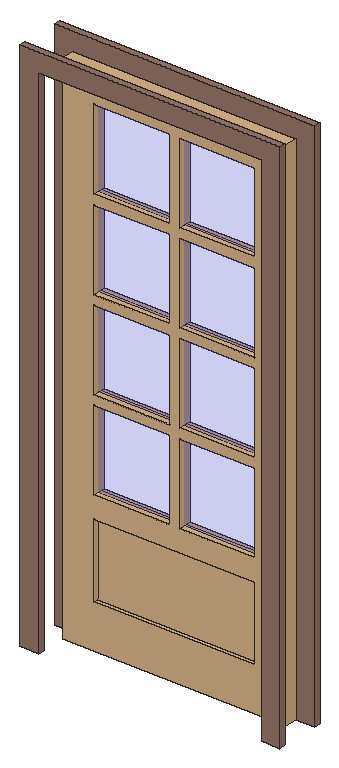
Revit family "0049_M_DR_W_single-entry 2", category 문, Revit 2026
Family settings
  호스트 = 벽
  항상 수직 = 예
  로드될 때 보이드를 사용하여 절단 = 아니오
  공유 = 아니오
  룸 계산 점 = 아니오
Parameters (values of type "36" x 84"")
  두께 = 0' - 2"
  기능 = 내부
  Rail - Top = 0' - 5"
  Rail - Center = 0' - 3 1/2"
  Rail - Bottom = 0' - 7"
  Panel - Bottom = 1' - 0"
  조합 코드 = "C1020"
  Door Material = Door - Panel
  Frame Material = Door - Frame
  Height = 7' - 0"
  Muntin = 0' - 1 1/2"
  Stile Width = 0' - 5"
  Trim Projection Ext = 0' - 1"
  Trim Projection Int = 0' - 1"
  Trim Width = 0' - 3"
  벽 마무리 = 호스트별
  Width = 3' - 0"
Types (8): name | 두께 | Rail - Top | Rail - Center | Rail - Bottom | Panel - Bottom | 조합 코드 | Height | Muntin | Stile Width | Trim Projection Ext | Trim Projection Int | Trim Width | Width
  36" x 84" | 0' - 2" | 0' - 5" | 0' - 3 1/2" | 0' - 7" | 1' - 0" | "C1020" | 7' - 0" | 0' - 1 1/2" | 0' - 5" | 0' - 1" | 0' - 1" | 0' - 3" | 3' - 0"
  34" x 84" | 0' - 2" | 0' - 5" | 0' - 3 1/2" | 0' - 7" | 1' - 0" | "C1020" | 7' - 0" | 0' - 1 1/2" | 0' - 5" | 0' - 1" | 0' - 1" | 0' - 3" | 2' - 10"
  32" x 84" | 0' - 2" | 0' - 5" | 0' - 3 1/2" | 0' - 7" | 1' - 0" | "C1020" | 7' - 0" | 0' - 1 1/2" | 0' - 5" | 0' - 1" | 0' - 1" | 0' - 3" | 2' - 8"
  30" x 84" | 0' - 2" | 0' - 5" | 0' - 3 1/2" | 0' - 7" | 1' - 0" | "C1020" | 7' - 0" | 0' - 1 1/2" | 0' - 5" | 0' - 1" | 0' - 1" | 0' - 3" | 2' - 6"
  30" x 80" | 0' - 2" | 0' - 5" | 0' - 3 1/2" | 0' - 7" | 1' - 0" | "C1020" | 6' - 8" | 0' - 1 1/2" | 0' - 5" | 0' - 1" | 0' - 1" | 0' - 3" | 2' - 6"
  36" x 80" | 0' - 2" | 0' - 5" | 0' - 3 1/2" | 0' - 7" | 1' - 0" | "C1020" | 6' - 8" | 0' - 1 1/2" | 0' - 5" | 0' - 1" | 0' - 1" | 0' - 3" | 3' - 0"
  34" x 80" | 0' - 2" | 0' - 5" | 0' - 3 1/2" | 0' - 7" | 1' - 0" | "C1020" | 6' - 8" | 0' - 1 1/2" | 0' - 5" | 0' - 1" | 0' - 1" | 0' - 3" | 2' - 10"
  0915 x 2134mm | 0' - 1.9685" | 0' - 4.92126" | 0' - 3.54331" | 0' - 6.88976" | 1' - 0.00787" | 0' - 0" | 7' - 0.01575" | 0' - 1.37795" | 0' - 4.92126" | 0' - 0.98425" | 0' - 0.98425" | 0' - 2.95276" | 3' - 0.02362"
Reference planes (in)
  plane 1: y = 0
  plane 2: z = 0
  plane 3: x = 1
  plane 4: x = -17
  plane 5: x = 19
  plane 6: z = 84
  plane 7: x = 0.25
  plane 8: x = 1.75
  plane 9: x = -12
  plane 10: x = 14
  plane 11: z = 35.5
  plane 12: z = 66
  plane 13: z = 64.5
  plane 14: z = 37
  plane 15: z = 22.5
  plane 16: z = 19
  plane 17: z = 79
  plane 18: z = 7
  plane 19: z = 80.5
  plane 20: z = 51.5
  plane 21: z = 50
Forms (in)
  Extrusion 1, solid, material "Door - Frame" <- "Frame Material"
    sketch origin (-60, 3.00119, 0) x (-1, 0, 0) y (0, 0, 1)
      loop
        line (-82, 87) -> (-82, 0) -> (-79, 0) -> (-79, 84) -> (-43, 84) -> (-43, 0) -> (-40, 0) -> (-40, 87) -> (-82, 87)
    from 0 to 1
  Extrusion 2, solid, material "Door - Frame" <- "Frame Material"
    sketch origin (-60, -2.99881, 0) x (1, 0, 0) y (0, 0, 1)
      loop
        line (40, 87) -> (40, 0) -> (43, 0) -> (43, 84) -> (79, 84) -> (79, 0) -> (82, 0) -> (82, 87) -> (40, 87)
    from 0 to 1
  Extrusion 3, solid, material "Door - Panel" <- "Door Material"
    sketch origin (0, 0.0442, 0) x (0, 0, -1) y (1, 0, 0)
      loop
        line (-19, -12) -> (-7, -12) -> (-7, 14) -> (-19, 14) -> (-19, -12)
    from -2.20699 to -1.75268
  Extrusion 4, solid, material "Door - Panel" <- "Door Material"
    sketch origin (0, 0, 0) x (0, 0, -1) y (1, 0, 0)
      loop
        line (-84, -17) -> (0, -17) -> (0, 19) -> (-84, 19) -> (-84, -17)
      loop
        line (-19, -12) -> (-7, -12) -> (-7, 14) -> (-19, 14) -> (-19, -12)
      loop
        line (-66, 0.25) -> (-79, 0.25) -> (-79, -12) -> (-66, -12) -> (-66, 0.25)
      loop
        line (-66, 14) -> (-79, 14) -> (-79, 1.75) -> (-66, 1.75) -> (-66, 14)
      loop
        line (-51.5, 14) -> (-64.5, 14) -> (-64.5, 1.75) -> (-51.5, 1.75) -> (-51.5, 14)
      loop
        line (-51.5, 0.25) -> (-64.5, 0.25) -> (-64.5, -12) -> (-51.5, -12) -> (-51.5, 0.25)
      loop
        line (-37, 14) -> (-50, 14) -> (-50, 1.75) -> (-37, 1.75) -> (-37, 14)
      loop
        line (-37, 0.25) -> (-50, 0.25) -> (-50, -12) -> (-37, -12) -> (-37, 0.25)
      loop
        line (-22.5, 14) -> (-35.5, 14) -> (-35.5, 1.75) -> (-22.5, 1.75) -> (-22.5, 14)
      loop
        line (-22.5, 0.25) -> (-35.5, 0.25) -> (-35.5, -12) -> (-22.5, -12) -> (-22.5, 0.25)
    from -3.00119 to -1.00119
  Extrusion 5, solid, material "Glass"
    sketch origin (0, 0, 0) x (0, 0, -1) y (1, 0, 0)
      loop
        line (-79, -12) -> (-66, -12) -> (-66, 0.25) -> (-79, 0.25) -> (-79, -12)
      loop
        line (-79, 1.75) -> (-66, 1.75) -> (-66, 14) -> (-79, 14) -> (-79, 1.75)
      loop
        line (-64.5, -12) -> (-51.5, -12) -> (-51.5, 0.25) -> (-64.5, 0.25) -> (-64.5, -12)
      loop
        line (-64.5, 1.75) -> (-51.5, 1.75) -> (-51.5, 14) -> (-64.5, 14) -> (-64.5, 1.75)
      loop
        line (-50, -12) -> (-37, -12) -> (-37, 0.25) -> (-50, 0.25) -> (-50, -12)
      loop
        line (-50, 1.75) -> (-37, 1.75) -> (-37, 14) -> (-50, 14) -> (-50, 1.75)
      loop
        line (-35.5, -12) -> (-22.5, -12) -> (-22.5, 0.25) -> (-35.5, 0.25) -> (-35.5, -12)
      loop
        line (-35.5, 1.75) -> (-22.5, 1.75) -> (-22.5, 14) -> (-35.5, 14) -> (-35.5, 1.75)
    from -2.25119 to -1.79687
Lines and regions (in)
  Opening 1
    outline origin (-60, -2.99881, 144) x (0, 0, -1) y (1, 0, 0)
      loop
        line (60, 43) -> (144, 43) -> (144, 79) -> (60, 79) -> (60, 43)
  symbolic lines, style "DoorsPanelProjection"
    curve 1: line (19, 3.00119, 0) -> (17, 3.00119, 0)
    curve 2: line (19, 3.00119, 0) -> (19, 39.00119, 0)
    curve 3: line (19, 39.00119, 0) -> (17, 39.00119, 0)
    curve 4: line (17, 3.00119, 0) -> (17, 39.00119, 0)
  model lines, style "DoorsFrameMullionProjection"
    curve 5: line (-20, -2.99881, 0) -> (-20, -2.99881, 87)
    curve 6: line (-20, -2.99881, 87) -> (22, -2.99881, 87)
    curve 7: line (22, -2.99881, 87) -> (22, -2.99881, 0)
    curve 8: line (22, 3.00119, 0) -> (22, 3.00119, 87)
    curve 9: line (-20, 3.00119, 87) -> (22, 3.00119, 87)
    curve 10: line (-20, 3.00119, 87) -> (-20, 3.00119, 0)
  symbolic lines, style "Elevation Swing"
    curve 11: line (-17, -2.99881, 84) -> (19, -2.99881, 42)
    curve 12: line (19, 3.00119, 42) -> (-17, 3.00119, 0)
  symbolic lines, style "Plan Swing"
    curve 13: arc (17, 39.00119, 0) -> (-7.19266, 27.77909, 0) -> (-17.05551, 3.00119, 0) r 36.05551
Dimensions and locks (in)
  equal spacing: plane 4, plane 3, plane 5
  "Width": plane 4 to plane 5
  locked: host wall to curve 1
  control icon elem to plane 5 = 0' - 11"
  "Height": plane 6 to plane 2
  "Trim Width": plane 4 to curve 5
  "Trim Width": plane 5 to curve 7
  "Trim Width": plane 6 to curve 6
  equal spacing: plane 6, curve 11, level
  locked: curve 9 to host wall
  "Stile Width": plane 4 to plane 9
  "Stile Width": plane 10 to plane 5
  "Muntin": plane 12 to plane 13
  "Muntin": plane 14 to plane 11
  "Rail - Center": plane 15 to plane 16
  "Muntin": plane 7 to plane 8
  "두께": curve 4 to plane 5
  "Rail - Bottom": plane 18 to host wall
  "Muntin": plane 19 to plane 17
  equal spacing: plane 7, plane 3, plane 8
  "Trim Projection Int": Extrusion 2 to host wall
  "Trim Projection Ext": Extrusion 1 to host wall
  "Rail - Top": plane 6 to plane 17
  "Muntin": plane 20 to plane 21
  equal spacing: plane 19, plane 12, plane 20, plane 14, plane 15
  "Panel - Bottom": plane 16 to plane 18
  "두께": Extrusion 4 to Extrusion 4
  locked: Extrusion 4 to Extrusion 3 at 0.79568
  locked: Extrusion 4 to Extrusion 3 at 0.75
  aligned and locked: curve 7 to level
  aligned and locked: curve 8 to curve 7
  aligned and locked: plane 6 to curve 11
  aligned and locked: Extrusion 1 sketch curve to curve 10
  aligned and locked: Extrusion 1 sketch curve to curve 6
  aligned and locked: Extrusion 1 sketch curve to curve 7
  aligned and locked: level to plane 2
  aligned and locked: Extrusion 2 sketch curve to Extrusion 1
  aligned and locked: Extrusion 2 sketch curve to curve 5
  aligned and locked: Extrusion 2 sketch curve to curve 7
  aligned and locked: host wall to Extrusion 4 sketch curve  (x2)
  aligned and locked: Extrusion 4 sketch curve to host wall  (x2)
  aligned and locked: host wall to Extrusion 4
  aligned and locked: Extrusion 4 sketch curve to Extrusion 3  (x3)
  aligned and locked: Extrusion 3 to Extrusion 4 sketch curve
  aligned and locked: Extrusion 5 to Extrusion 3  (x2)
Automatic sketch dimensions
  Opening 1 sketch curve to plane 6 = 0' - 0"
  Opening 1 sketch curve to level = 0' - 0"
  Opening 1 sketch curve to plane 4 = 0' - 0"
  Opening 1 sketch curve to plane 5 = 0' - 0"
  Extrusion 1 sketch curve to level = 0' - 0"  (x2)
  curve 12 to plane 5 = 0' - 0"
  curve 5 to level = 0' - 0"
  curve 8 to level = 0' - 0"
  curve 10 to level = 0' - 0"
  curve 12 to level = 0' - 0"
  curve 10 to curve 5 = 0' - 0"  (x2)
  curve 12 to plane 4 = 0' - 0"
  curve 11 to plane 4 = 0' - 0"
  Extrusion 2 sketch curve to plane 6 = 0' - 0"
  Extrusion 2 sketch curve to plane 5 = 0' - 0"
  Extrusion 2 sketch curve to level = 0' - 0"  (x2)
  Extrusion 2 sketch curve to plane 4 = 0' - 0"
  curve 1 to plane 5 = 0' - 0"
  curve 13 to plane 5 = 0' - 0"
  plane 4 to curve 13 = 0' - 0.05551"
  Extrusion 1 sketch curve to plane 5 = 0' - 0"
  Extrusion 1 sketch curve to plane 4 = 0' - 0"
  Extrusion 1 sketch curve to plane 6 = 0' - 0"
  Extrusion 3 sketch curve to plane 10 = 0' - 0"
  Extrusion 3 sketch curve to plane 16 = 0' - 0"
  Extrusion 3 sketch curve to plane 9 = 0' - 0"
  Extrusion 3 sketch curve to plane 18 = 0' - 0"
  Extrusion 4 sketch curve to plane 7 = 0' - 0"  (x4)
  Extrusion 4 sketch curve to plane 17 = 0' - 0"  (x2)
  Extrusion 4 sketch curve to plane 8 = 0' - 0"  (x4)
  Extrusion 4 sketch curve to plane 12 = 0' - 0"  (x2)
  Extrusion 4 sketch curve to plane 9 = 0' - 0"  (x4)
  Extrusion 4 sketch curve to plane 13 = 0' - 0"  (x2)
  Extrusion 4 sketch curve to plane 10 = 0' - 0"  (x4)
  Extrusion 4 sketch curve to plane 20 = 0' - 0"  (x2)
  Extrusion 4 sketch curve to plane 21 = 0' - 0"  (x2)
  Extrusion 4 sketch curve to plane 14 = 0' - 0"  (x2)
  Extrusion 4 sketch curve to plane 11 = 0' - 0"  (x2)
  Extrusion 4 sketch curve to plane 15 = 0' - 0"  (x2)
  Extrusion 5 sketch curve to plane 8 = 0' - 0"  (x4)
  Extrusion 5 sketch curve to plane 17 = 0' - 0"  (x2)
  Extrusion 5 sketch curve to plane 7 = 0' - 0"  (x4)
  Extrusion 5 sketch curve to plane 12 = 0' - 0"  (x2)
  Extrusion 5 sketch curve to plane 10 = 0' - 0"  (x4)
  Extrusion 5 sketch curve to plane 9 = 0' - 0"  (x4)
  Extrusion 5 sketch curve to plane 13 = 0' - 0"  (x2)
  Extrusion 5 sketch curve to plane 20 = 0' - 0"  (x2)
  Extrusion 5 sketch curve to plane 21 = 0' - 0"  (x2)
  Extrusion 5 sketch curve to plane 14 = 0' - 0"  (x2)
  Extrusion 5 sketch curve to plane 11 = 0' - 0"  (x2)
  Extrusion 5 sketch curve to plane 15 = 0' - 0"  (x2)
  curve 11 to plane 5 = 0' - 0"
  curve 13 to host wall = 0' - 0"
  curve 12 to curve 11 = 0' - 0"
